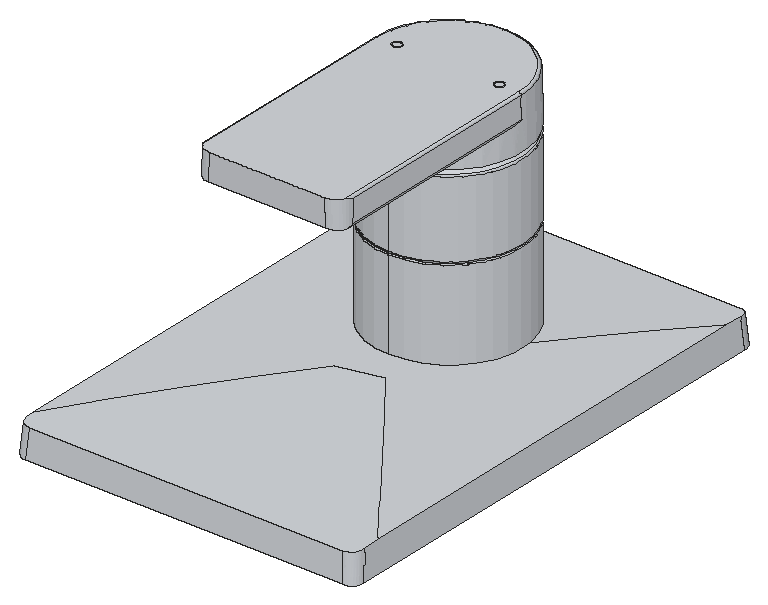
Revit family "Shower-Valve_Trim-KOHLER-Composed-K-T73098BR_1", category Specialty Equipment, host Face, Revit 2017
Family settings
  Host = Face
  Round Connector Dimension = Use Diameter
  Part Type = Normal
  OmniClass Number = 23.31.25.00
  OmniClass Title = Toilet and Bath Specialties
  Cut with Voids When Loaded = No
  Shared = No
  Room Calculation Point = No
Parameters (values of type "CP-Polished Chrome")
  Width = 4.44882"  # constant formula
  WaterSense Certified = 1 = 0  # no
  URL = "https://br.kohler.com/"
  Type = 1
  Product Page URL = "https://br.kohler.com/product-detail/t73098br-4?skuid=K-T73098BR-4-CP"
  Product Name = "COMPOSED"  # constant formula
  Product Documentation Link = ""
  Model = "K-T73098BR-4-CP"  # constant formula
  Material = "Premium Metal Construction"  # constant formula
  Master Format 2014 Name = "Toilet, Bath, and Laundry Accessories"  # constant formula
  Master Format 2014 = "10 28 00"  # constant formula
  Manufacturer Address = "Rio de Janeiro MULTIREPAROS RUA BATISTA DA COSTA, Nº 352 | STORE B Rio de Janeiro SÃO GONÇALO 24450-470"  # constant formula
  Manufacturer = "KOHLER Co."  # constant formula
  Length = 3.46457"  # constant formula
  Height = 6.53543"  # constant formula
  Handle Clearance = 2.95276"  # constant formula
  Finish = Kohler-Metal-CP-Polished_Chrome
  Environmental Product Declaration = ""
  Description = "Finish for single-lever shower mixer"  # constant formula
  Default Elevation = 42"
  Declare Label = ""
  Date Modified = "05/28/2021"  # constant formula
  Date Created = "05/28/2021"  # constant formula
  Copyright = "Copyright KOHLER Co."  # constant formula
  Contact Us = "https://br.kohler.com/asr-listing"
  Assembly Code = "C1030200"
  ADA Compliant = 1 = 0  # no
Reference planes (in)
  plane 1 "Center (Front/Back)": y = 0
  plane 2: z = 0
  plane 3 "Center (Left/Right)": x = 0
  plane 4: z = 3.46457
  plane 5: y = 1.04331
  plane 6: y = -1.90945
  plane 7: y = 2.00787
  plane 8: y = 0.07874
  plane 9: x = 2.22441
  plane 10: x = -2.22441
  plane 11: y = -3.26772
  plane 12: y = 3.26772
  plane 13: z = 0.4764
Dimensions and locks (in)
  "Length": plane 4 to level
  "Handle Clearance": plane 5 to plane 6
  locked: plane 7 to plane 8 at 1.92913
  "Height": plane 12 to plane 11
  "Width": plane 10 to plane 9
  aligned and locked: plane 2 to host face
  aligned and locked: level to host face
  aligned and locked: plane 3 "Center (Left/Right)" to nested 1
  aligned and locked: plane 1 "Center (Front/Back)" to nested 1
Automatic sketch dimensions
  host sketch curve to host sketch curve = 96"  (x2)
Nested families (in)
  nested 1: "K-T73098BR" at (0, 0, 0), type "K-T73098BR"
Definition of nested family "K-T73098BR"
  Parameters (values of type "K-T73098BR")
    Material = none
  Reference planes (in)
    plane 1 "Center (Front/Back)": y = 0
    plane 2: z = 0
    plane 3 "Center (Left/Right)": x = 0
    plane 4: y = 3.26772
    plane 5: x = 2.22441
    plane 6: x = -2.22441
    plane 7: y = -3.26772
    plane 8: y = 1.04331
    plane 9: z = 3.46457
    plane 10: y = -1.90945
    plane 11: y = 2.00787
    plane 12: y = 0.07874
    plane 13: z = 0.4013
  Forms (in)
    SweptBlend 1, solid, material <- "Material", detail levels medium+fine
      path origin (0, 0, 0) x (0, 1, 0) y (0, 0, 1)
        loop
          line (0, 0) -> (0, 0.59055)
      profile origin (0, 0, 0) x (0, -1, 0) y (1, 0, 0)
        loop
          arc (-3.26772, -2.06693) -> (-3.22159, -2.17828) -> (-3.11024, -2.22441) r 0.15748
          line (-3.11024, -2.22441) -> (3.11024, -2.22441)
          arc (3.11024, -2.22441) -> (3.22159, -2.17828) -> (3.26772, -2.06693) r 0.15748
          line (3.26772, -2.06693) -> (3.26772, 2.06693)
          arc (3.26772, 2.06693) -> (3.22159, 2.17828) -> (3.11024, 2.22441) r 0.15748
          line (3.11024, 2.22441) -> (-3.11024, 2.22441)
          arc (-3.11024, 2.22441) -> (-3.22159, 2.17828) -> (-3.26772, 2.06693) r 0.15748
          line (-3.26772, 2.06693) -> (-3.26772, -2.06693)
      end profile origin (0, 0, 0.59055) x (0, -1, 0) y (1, 0, 0)
        loop
          arc (-3.216, -2.03421) -> (-3.1706, -2.14381) -> (-3.06101, -2.1892) r 0.15499
          line (-3.06101, -2.1892) -> (3.06101, -2.1892)
          arc (3.06101, -2.1892) -> (3.1706, -2.14381) -> (3.216, -2.03421) r 0.15499
          line (3.216, -2.03421) -> (3.216, 2.03421)
          arc (3.216, 2.03421) -> (3.1706, 2.14381) -> (3.06101, 2.1892) r 0.15499
          line (3.06101, 2.1892) -> (-3.06101, 2.1892)
          arc (-3.06101, 2.1892) -> (-3.1706, 2.14381) -> (-3.216, 2.03421) r 0.15499
          line (-3.216, 2.03421) -> (-3.216, -2.03421)
    Extrusion 2, void
      sketch origin (0, 0, 0) x (1, 0, 0) y (0, 0, 1)
        loop
          line (2.22441, 0.39914) -> (2.22441, 0.61898) -> (-2.22441, 0.61898) -> (-2.22441, 0.39039)
          arc (-2.22441, 0.39039) -> (-0.0002, 0.49755) -> (2.22441, 0.39914) r 24.12135
      from -3.93701 to 3.93701
    Extrusion 3, void
      sketch origin (0, 0, 0) x (0, 1, 0) y (0, 0, 1)
        loop
          arc (-3.26772, 0.37124) -> (0.00003, 0.49777) -> (3.26772, 0.36955) r 41.97743
          line (3.26772, 0.36955) -> (3.26772, 0.56977) -> (-3.26772, 0.56977) -> (-3.26772, 0.37124)
      from -2.66999 to 3.2026
    Revolve 4, solid, material <- "Material", detail levels medium+fine
      sketch origin (0, 0, 0) x (0, 1, 0) y (0, 0, 1)
        loop
          line (1.04331, 3.46457) -> (1.04331, 0.36835) -> (2.00787, 0.36835) -> (2.00787, 1.65354)
          arc (2.00787, 1.65354) -> (2.00211, 1.66746) -> (1.98819, 1.67323) r 0.01969
          arc (1.98819, 1.67323) -> (2.00211, 1.67899) -> (2.00787, 1.69291) r 0.01969
          line (2.00787, 1.69291) -> (2.00787, 2.68503)
          arc (2.00787, 2.68503) -> (2.00231, 2.69953) -> (1.98849, 2.7066) r 0.02169
          line (1.98849, 2.7066) -> (1.92658, 2.77559) -> (2.00787, 2.77559) -> (1.99639, 3.43362)
          arc (1.99639, 3.43362) -> (1.98697, 3.45554) -> (1.9649, 3.46457) r 0.0315
          line (1.9649, 3.46457) -> (1.04331, 3.46457)
        axis (1.04331, 3.46457) -> (1.04331, 0.36835)
      angle from 0 to 360
    Extrusion 5, solid, material <- "Material", detail levels medium+fine
      sketch origin (0, 0, 0) x (1, 0, 0) y (0, 0, 1)
        loop
          line (0.92159, 3.46457) -> (-0.92159, 3.46457)
          arc (-0.92159, 3.46457) -> (-0.94367, 3.45554) -> (-0.95308, 3.43362) r 0.0315
          line (-0.95308, 3.43362) -> (-0.95809, 3.14661)
          arc (-0.95809, 3.14661) -> (-0.94906, 3.12399) -> (-0.9266, 3.11457) r 0.0315
          line (-0.9266, 3.11457) -> (0.9266, 3.11457)
          arc (0.9266, 3.11457) -> (0.94906, 3.12399) -> (0.95809, 3.14661) r 0.0315
          line (0.95809, 3.14661) -> (0.95308, 3.43362)
          arc (0.95308, 3.43362) -> (0.94367, 3.45554) -> (0.92159, 3.46457) r 0.0315
      from -1.04331 to 1.90945
    Sweep 6, void
      path in 3D
        loop
          line (0.96076, -1.90945, 2.99359) -> (0.95046, -1.90945, 3.58405)
      profile origin (0.95561, -1.90945, 3.28882) x (-0.999848, 0, -0.017452) y (0, -1, 0)
        loop
          line (0, 0) -> (0, -0.19685)
          arc (0, -0.19685) -> (0.05766, -0.05766) -> (0.19685, 0) r 0.19685
          line (0.19685, 0) -> (0, 0)
    Sweep 7, void
      path in 3D
        loop
          line (-0.96076, -1.90945, 2.99359) -> (-0.95046, -1.90945, 3.58405)
      profile origin (-0.95561, -1.90945, 3.28882) x (-0.999848, 0, 0.017452) y (0, -1, 0)
        loop
          line (0, 0) -> (-0.19685, 0)
          arc (-0.19685, 0) -> (-0.05766, -0.05766) -> (0, -0.19685) r 0.19685
          line (0, -0.19685) -> (0, 0)
    Extrusion 8, solid, material <- "Material", detail levels coarse
      sketch origin (0, 0, 0) x (1, 0, 0) y (0, 1, 0)
        loop
          line (-2.22441, -3.26772) -> (2.22441, -3.26772) -> (2.22441, 3.26772) -> (-2.22441, 3.26772) -> (-2.22441, -3.26772)
      from 0 to 0.52267
    Revolve 9, solid, material <- "Material", detail levels coarse
      sketch origin (0, 0, 0) x (0, 1, 0) y (0, 0, 1)
        loop
          line (1.04331, 3.46457) -> (1.04331, 0.44921) -> (2.00787, 0.44921) -> (2.00787, 3.46457) -> (1.04331, 3.46457)
        axis (1.04331, 3.46457) -> (1.04331, 0.44921)
      angle from 0 to 360
    Extrusion 10, solid, material <- "Material", detail levels coarse
      sketch origin (0, 0, 0) x (1, 0, 0) y (0, 1, 0)
        loop
          line (-0.95493, 0.90733) -> (-0.95493, -1.90945) -> (0.95493, -1.90945) -> (0.95493, 0.90733) -> (-0.95493, 0.90733)
      from 3.11457 to 3.46457
    Extrusion 11, void
      sketch origin (0, 0, 0) x (1, 0, 0) y (0, 1, 0)
        loop
          circle (-0.66819, 1.04331) r 0.05906
        loop
          circle (0.66819, 1.04331) r 0.05906
      from 3.35526 to 3.53923
    Extrusion 12, solid, detail levels medium+fine
      sketch origin (0, 0, 0) x (1, 0, 0) y (0, 1, 0)
        loop
          circle (-0.66819, 1.04331) r 0.05906
      from 3.35526 to 3.46457
    Extrusion 13, solid, detail levels medium+fine
      sketch origin (0, 0, 0) x (-1, 0, 0) y (0, -1, 0)
        loop
          circle (-0.66819, -1.04331) r 0.05906
      from 3.35526 to 3.46457
  Cuts and joins
    Extrusion 2, Extrusion 3 cuts SweptBlend 1
    Sweep 6, Sweep 7, Extrusion 11 cuts Revolve 4
    Sweep 6, Sweep 7, Extrusion 11 cuts Extrusion 5
    joined: SweptBlend 1, Revolve 4, Extrusion 5
    joined: Extrusion 8, Revolve 9, Extrusion 10
  Lines and regions (in)
    Masking region 1
      outline origin (0, 0, 0) x (1, 0, 0) y (0, 1, 0)
        loop
          arc (-2.06693, 3.26772) -> (-2.17828, 3.22159) -> (-2.22441, 3.11024) r 0.15748
          line (-2.22441, 3.11024) -> (-2.22441, -3.11024)
          arc (-2.22441, -3.11024) -> (-2.17828, -3.22159) -> (-2.06693, -3.26772) r 0.15748
          line (-2.06693, -3.26772) -> (2.06693, -3.26772)
          arc (2.06693, -3.26772) -> (2.17828, -3.22159) -> (2.22441, -3.11024) r 0.15748
          line (2.22441, -3.11024) -> (2.22441, 3.11024)
          arc (2.22441, 3.11024) -> (2.17828, 3.22159) -> (2.06693, 3.26772) r 0.15748
          line (2.06693, 3.26772) -> (-2.06693, 3.26772)
    Masking region 2
      outline origin (0, 0, 0) x (1, 0, 0) y (0, 0, 1)
        loop
          line (0, 3.46457) -> (-0.93332, 3.46457)
          arc (-0.93332, 3.46457) -> (-0.95541, 3.45541) -> (-0.96457, 3.43332) r 0.03125
          line (-0.96457, 3.43332) -> (-0.96457, 2.77559) -> (-0.88328, 2.77559) -> (-0.94518, 2.7066)
          arc (-0.94518, 2.7066) -> (-0.95901, 2.69953) -> (-0.96457, 2.68503) r 0.02169
          line (-0.96457, 2.68503) -> (-0.96457, 1.69291)
          arc (-0.96457, 1.69291) -> (-0.9588, 1.67899) -> (-0.94488, 1.67323) r 0.01969
          arc (-0.94488, 1.67323) -> (-0.9588, 1.66746) -> (-0.96457, 1.65354) r 0.01969
          line (-0.96457, 1.65354) -> (-0.96457, 0.47637)
          arc (-0.96457, 0.47637) -> (-1.56654, 0.44433) -> (-2.16742, 0.3958) r 21.97337
          arc (-2.16742, 0.3958) -> (-2.19203, 0.38395) -> (-2.20301, 0.35894) r 0.03937
          line (-2.20301, 0.35894) -> (-2.22441, 0) -> (2.22441, 0) -> (2.20301, 0.35894)
          arc (2.20301, 0.35894) -> (2.19203, 0.38395) -> (2.16742, 0.3958) r 0.03937
          arc (2.16742, 0.3958) -> (1.56654, 0.44433) -> (0.96457, 0.47637) r 21.97337
          line (0.96457, 0.47637) -> (0.96457, 1.65354)
          arc (0.96457, 1.65354) -> (0.9588, 1.66746) -> (0.94488, 1.67323) r 0.01969
          arc (0.94488, 1.67323) -> (0.9588, 1.67899) -> (0.96457, 1.69291) r 0.01969
          line (0.96457, 1.69291) -> (0.96457, 2.68503)
          arc (0.96457, 2.68503) -> (0.95901, 2.69953) -> (0.94518, 2.7066) r 0.02169
          line (0.94518, 2.7066) -> (0.88328, 2.77559) -> (0.96457, 2.77559) -> (0.96457, 3.43332)
          arc (0.96457, 3.43332) -> (0.95541, 3.45541) -> (0.93332, 3.46457) r 0.03125
          line (0.93332, 3.46457) -> (0, 3.46457)
    Masking region 3
      outline origin (0, 0, 0) x (0, 1, 0) y (0, 0, 1)
        loop
          line (3.26772, 0) -> (3.23804, 0.33883)
          arc (3.23804, 0.33883) -> (3.22651, 0.36339) -> (3.20183, 0.37465) r 0.03937
          arc (3.20183, 0.37465) -> (2.60512, 0.41618) -> (2.00787, 0.44921) r 41.97743
          line (2.00787, 0.44921) -> (2.00787, 1.65354)
          arc (2.00787, 1.65354) -> (2.00211, 1.66746) -> (1.98819, 1.67323) r 0.01969
          arc (1.98819, 1.67323) -> (2.00211, 1.67899) -> (2.00787, 1.69291) r 0.01969
          line (2.00787, 1.69291) -> (2.00787, 2.68503)
          arc (2.00787, 2.68503) -> (2.00231, 2.69953) -> (1.98849, 2.7066) r 0.02169
          line (1.98849, 2.7066) -> (1.92658, 2.77559) -> (2.00787, 2.77559) -> (2.00787, 3.43333)
          arc (2.00787, 3.43333) -> (1.99872, 3.45542) -> (1.97663, 3.46457) r 0.03124
          line (1.97663, 3.46457) -> (1.04331, 3.46457) -> (0.12172, 3.46457) -> (-1.87795, 3.46457)
          arc (-1.87795, 3.46457) -> (-1.90022, 3.45534) -> (-1.90945, 3.43307) r 0.0315
          line (-1.90945, 3.43307) -> (-1.90945, 3.14606)
          arc (-1.90945, 3.14606) -> (-1.90022, 3.12379) -> (-1.87795, 3.11457) r 0.0315
          line (-1.87795, 3.11457) -> (-0.01892, 3.11457)
          arc (-0.01892, 3.11457) -> (0.05014, 3.08596) -> (0.07874, 3.01691) r 0.09766
          line (0.07874, 3.01691) -> (0.07874, 2.77559) -> (0.16003, 2.77559) -> (0.09813, 2.7066)
          arc (0.09813, 2.7066) -> (0.0843, 2.69953) -> (0.07874, 2.68503) r 0.02169
          line (0.07874, 2.68503) -> (0.07874, 1.69291)
          arc (0.07874, 1.69291) -> (0.08451, 1.67899) -> (0.09843, 1.67323) r 0.01969
          arc (0.09843, 1.67323) -> (0.08451, 1.66746) -> (0.07874, 1.65354) r 0.01969
          line (0.07874, 1.65354) -> (0.07874, 0.49768)
          arc (0.07874, 0.49768) -> (-1.56279, 0.46908) -> (-3.20194, 0.37631) r 41.97743
          arc (-3.20194, 0.37631) -> (-3.2265, 0.3634) -> (-3.23804, 0.33883) r 0.03937
          line (-3.23804, 0.33883) -> (-3.26772, 0) -> (3.26772, 0)
    sketch lines
      curve 1: line (0.96076, -1.90945, 2.99359) -> (0.95046, -1.90945, 3.58405)
      curve 2: line (-0.96076, -1.90945, 2.99359) -> (-0.95046, -1.90945, 3.58405)
    symbolic lines, detail levels medium+fine
      curve 3: line (0, 2.00745, 3.43572) -> (0, -1.90945, 3.43572)
      curve 4: line (0, 1.04324, 3.1469) -> (0, -1.90945, 3.1469)
      curve 5: line (0, -0.0155, 3.11457) -> (0, 0.7975, 3.11457)
      curve 6: arc (0, 0.7975, 3.11457) -> (0, 0.92143, 3.12268) -> (0, 1.04324, 3.1469) r 0.95009
      curve 7: line (0, 1.92658, 2.77559) -> (0, 0.16003, 2.77559)
      curve 8: line (0, 1.98849, 2.7066) -> (0, 0.09813, 2.7066)
      curve 9: line (0, 2.00787, 2.67987) -> (0, 0.07874, 2.67987)
      curve 10: line (0, 1.98819, 1.67323) -> (0, 0.09843, 1.67323)
      curve 11: line (0, -2.91421, 0.39259) -> (0, 2.94416, 0.39259)
      curve 12: arc (0, 2.0079, 0.44921) -> (0, 1.04371, 0.48883) -> (0, 0.07874, 0.49755) r 30.12678
      curve 13: line (0, 2.00787, 1.69291) -> (0, 0.07874, 1.69291)
      curve 14: line (0, 2.00787, 1.65354) -> (0, 0.07874, 1.65354)
      curve 15: line (-2.05051, 3.23513, 0) -> (2.05053, 3.23513, 0)
      curve 16: line (-2.201, -3.09001, 0) -> (-2.201, 3.09149, 0)
      curve 17: spline (-2.201, 3.09149, 0) -> (-2.19843, 3.11026, 0) -> (-2.19357, 3.12858, 0) -> (-2.18652, 3.14618, 0) -> (-2.17738, 3.16279, 0) -> (-2.16627, 3.17816, 0) -> (-2.15337, 3.19207, 0) -> (-2.13887, 3.20432, 0) -> (-2.12298, 3.21471, 0) -> (-2.10594, 3.22309, 0) -> (-2.088, 3.22935, 0) -> (-2.06943, 3.23338, 0) -> (-2.05051, 3.23513, 0)
      curve 18: spline (2.05053, 3.23513, 0) -> (2.06899, 3.23345, 0) -> (2.08712, 3.2296, 0) -> (2.10466, 3.22363, 0) -> (2.12137, 3.21562, 0) -> (2.137, 3.20569, 0) -> (2.15134, 3.19398, 0) -> (2.16419, 3.18066, 0) -> (2.17535, 3.16591, 0) -> (2.18468, 3.14993, 0) -> (2.19205, 3.13297, 0) -> (2.19734, 3.11526, 0) -> (2.20048, 3.09704, 0)
      curve 19: line (2.20048, 3.09704, 0) -> (2.20048, -3.09601, 0)
      curve 20: line (2.0504, -3.23498, 0) -> (-2.05042, -3.23498, 0)
      curve 21: spline (-2.05042, -3.23498, 0) -> (-2.06945, -3.23322, 0) -> (-2.08812, -3.22915, 0) -> (-2.10615, -3.22282, 0) -> (-2.12327, -3.21435, 0) -> (-2.13922, -3.20384, 0) -> (-2.15376, -3.19147, 0) -> (-2.16667, -3.17742, 0) -> (-2.17776, -3.16189, 0) -> (-2.18686, -3.14513, 0) -> (-2.19383, -3.12738, 0) -> (-2.19857, -3.10891, 0) -> (-2.201, -3.09001, 0)
      curve 22: spline (2.20048, -3.09601, 0) -> (2.19743, -3.11432, 0) -> (2.1922, -3.13213, 0) -> (2.18488, -3.1492, 0) -> (2.17558, -3.16527, 0) -> (2.16441, -3.18012, 0) -> (2.15156, -3.19354, 0) -> (2.13719, -3.20533, 0) -> (2.12151, -3.21534, 0) -> (2.10474, -3.2234, 0) -> (2.08714, -3.22942, 0) -> (2.06894, -3.23329, 0) -> (2.0504, -3.23498, 0)
      curve 23: line (-0.96457, 1.04331, 0) -> (-0.96457, -1.7185, 0)
      curve 24: arc (-0.95788, 1.04329, 0) -> (-0.00153, 1.99963, 0) -> (0.95481, 1.04329, 0) r 0.95634
      curve 25: line (-0.95788, 1.04329, 0) -> (-0.95788, -1.72074, 0)
      curve 26: line (0, -1.90945, 0) -> (-0.77362, -1.90945, 0)
      curve 27: arc (-0.96457, -1.7185, 0) -> (-0.90864, -1.85352, 0) -> (-0.77362, -1.90945, 0) r 0.19095
      curve 28: line (0, -1.90551, 0) -> (-0.77311, -1.90551, 0)
      curve 29: arc (-0.77311, -1.90551, 0) -> (-0.90376, -1.85139, 0) -> (-0.95788, -1.72074, 0) r 0.18477
      curve 30: line (0.96457, 1.04331, 0) -> (0.96457, -1.7185, 0)
      curve 31: line (0.95788, 1.04329, 0) -> (0.95788, -1.72074, 0)
      curve 32: arc (0.96457, -1.7185, 0) -> (0.92165, -1.83912, 0) -> (0.8122, -1.90551, 0) r 0.19095
      curve 33: arc (0.77311, -1.90551, 0) -> (0.90376, -1.85139, 0) -> (0.95788, -1.72074, 0) r 0.18477
      curve 34: line (0, -1.90945, 0) -> (0.77362, -1.90945, 0)
      curve 35: line (0, -1.90551, 0) -> (0.8122, -1.90551, 0)
      curve 36: line (0.96444, 0, 3.43362) -> (-0.96457, 0, 3.43362)
      curve 37: line (0.88328, 0, 2.77559) -> (-0.88328, 0, 2.77559)
      curve 38: line (0.94518, 0, 2.7066) -> (-0.94518, 0, 2.7066)
      curve 39: line (0.96459, 0, 2.68658) -> (-0.96274, 0, 2.68658)
      curve 40: line (0.94488, 0, 1.67323) -> (-0.94488, 0, 1.67323)
      curve 41: line (-2.04632, 0, 0.37209) -> (2.04632, 0, 0.37209)
      curve 42: arc (2.04632, 0, 0.37209) -> (2.12411, 0, 0.3744) -> (2.20163, 0, 0.38135) r 1.30722
      curve 43: arc (-2.04632, 0, 0.37209) -> (-2.12411, 0, 0.3744) -> (-2.20163, 0, 0.38135) r 1.30722
      curve 44: line (0.96456, 0, 1.69336) -> (-0.96446, 0, 1.69336)
      curve 45: line (0.96436, 0, 1.65309) -> (-0.96456, 0, 1.65309)
      curve 46: arc (-0.96457, 1.04331, 0) -> (0, 2.00787, 0) -> (0.96457, 1.04331, 0) r 0.96457
      curve 47: line (0.96457, 0, 0.47637) -> (-0.96457, 0, 0.47637)
      curve 48: arc (-0.72725, 1.04331, 0) -> (-0.66819, 0.98425, 0) -> (-0.60914, 1.04331, 0) r 0.05906
      curve 49: arc (-0.60914, 1.04331, 0) -> (-0.66819, 1.10236, 0) -> (-0.72725, 1.04331, 0) r 0.05906
      curve 50: arc (0.60914, 1.04331, 0) -> (0.66819, 0.98425, 0) -> (0.72725, 1.04331, 0) r 0.05906
      curve 51: arc (0.72725, 1.04331, 0) -> (0.66819, 1.10236, 0) -> (0.60914, 1.04331, 0) r 0.05906
  Dimensions and locks (in)
    plane 6 to plane 5 = 4.44882"
    plane 4 to plane 7 = 6.53543"
    plane 10 to plane 8 = 2.95276"
    plane 10 to plane 11 = 3.91732"
    plane 9 to level = 3.46457"
    plane 12 to plane 11 = 1.92913"
    aligned and locked: plane 2 to level
